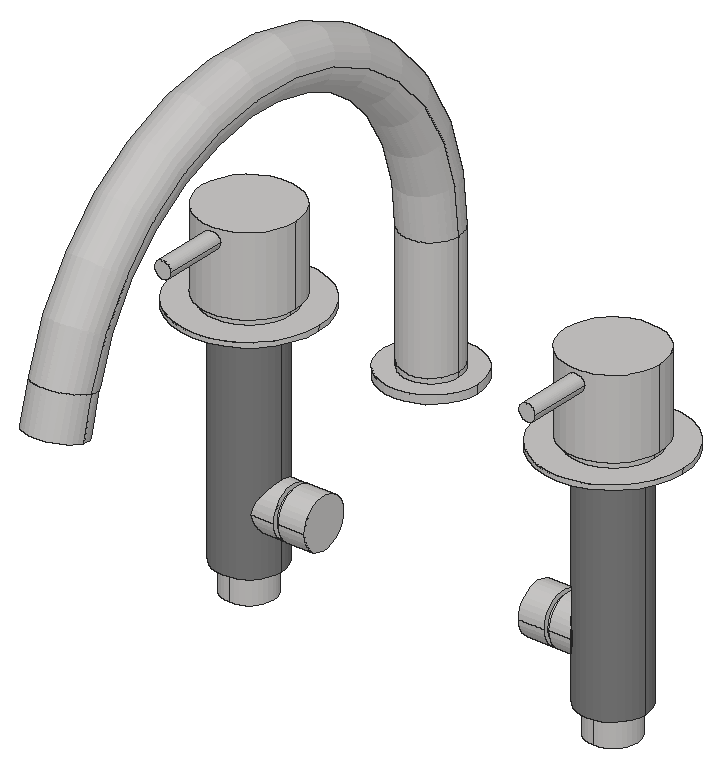
Revit family "SC8", category Generic Models, Revit 2021
Family settings
  Can host rebar = No
  Round Connector Dimension = Use Diameter
  Part Type = Normal
  Work Plane-Based = No
  Always vertical = Yes
  Cut with Voids When Loaded = No
  Shared = No
  Room Calculation Point = No
Parameters (values of type "Standard")
  e-mail = "info@vola.com"
  URL = "http://vola.com"
  Telephone = "+45 7023 5500"
  Quality management standard = "ISO 9001"
  Organisation no. / DUNS no. = "17531328"
  Occupational health and safety management standard = "ISO 18001"
  Mounting Instructions = "http://vola.com/service/producturl.ashx?name=SC8"
  Model = "SC8"
  Materials and components information = "http://vola.com/service/producturl.ashx?name=SC8"
  Manufacturer = "VOLA A/S"
  Maintenance Instructions = "http://vola.com/service/producturl.ashx?name=SC8"
  Guarantee = "2 years"
  Flow = "75,00 l/min"
  Environmental management standard = "ISO 14000"
  Default Elevation = 0.00 mm
  Connection - All relevant connections = "½\" for water connection"
  Approvals = "http://vola.com/service/producturl.ashx?name=SC8"
Reference planes
  plane 1 "Center (Front/Back)": y = 0
  plane 2: z = 0
  plane 3 "Center (Left/Right)": x = 0
Dimensions and locks
  aligned and locked: plane 2 to level
Nested families
  nested 1: "090E" at (0, 0, 0), type "090E"
  nested 2: "S50" at (78, 0, 0), type "S50"
  nested 3: "S50" at (-78, 0, 0) x (-1, 0, 0) z (0, 0, 1), type "S50"
  nested 4: "001" at (78, 0, 0), type "001"
  nested 5: "001" at (-78, 0, 0), type "001"
Connectors
  piping at (78, 0, -110), diameter 20.9
    settings: on nested 2, index 1, connector inside diameter 0.82283", connector length 0.00 mm, flow factor 0, pipe flow 0 GPM, pressure drop 0.00 psi, fitting loss kfactor 0, connector angle 0.00°, fixture units 0, engagement length 0.00 mm, angle of deflection 0.00°, flow configuration 0, flow direction 1, fitting loss method 0, system type 20, joint type 0, gender type 0, connector reference index -1, connector utility 0, adjustable connector no, is connector primary yes, connector description ""
  piping at (-78, 0, -110), diameter 20.9
    settings: on nested 3, index 2, connector inside diameter 0.82283", connector length 0.00 mm, flow factor 0, pipe flow 0 GPM, pressure drop 0.00 psi, fitting loss kfactor 0, connector angle 0.00°, fixture units 0, engagement length 0.00 mm, angle of deflection 0.00°, flow configuration 0, flow direction 1, fitting loss method 0, system type 19, joint type 0, gender type 0, connector reference index -1, connector utility 0, adjustable connector no, is connector primary no, connector description ""
Definition of nested family "090E"
  Parameters
    e-mail = "info@vola.com"
    URL = "http://vola.com"
    Telephone = "+45 7023 5500"
    Quality management standard = "ISO 9001"
    Organisation no. / DUNS no. = "17531328"
    Occupational health and safety management standard = "ISO 18001"
    Mounting Instructions = "http://vola.com/service/producturl.ashx?name=090E"
    Model = "090E"
    Materials and components information = "http://vola.com/service/producturl.ashx?name=090E"
    Manufacturer = "VOLA A/S"
    Maintenance Instructions = "http://vola.com/service/producturl.ashx?name=090E"
    Guarantee = "2 years"
    Environmental management standard = "ISO 14000"
    Default Elevation = 0.00 mm
    Connection - All relevant connections = ""
    Approvals = "http://vola.com/service/producturl.ashx?name=090E"
  Reference planes
    plane 1 "Center (Front/Back)": y = 0
    plane 2: z = 0
    plane 3 "Center (Left/Right)": x = 0
  Forms (mm)
    Sweep 1, solid
      path origin (0, 0, -1) x (0, 1, 0) y (0, 0, 1)
        loop
          line (0, 6.5) -> (0, 58.5)
          arc (0, 58.5) -> (-86.947, 157.644) -> (-196.593, 84.382) r 100
      profile origin (0, -86.947, 156.644) x (0, -0.130526, -0.991445) y (1, 0, 0)
        loop
          circle (0, 0) r 12
    Extrusion 2, solid
      sketch origin (0, 0, 0) x (1, 0, 0) y (0, 1, 0)
        loop
          circle (0, 0) r 20
      from 0 to 3.5
    Extrusion 3, solid
      sketch origin (0, 0, 3.5) x (1, 0, 0) y (0, 1, 0)
        loop
          circle (0, 0) r 12
      from 0 to 2
    Extrusion 4, solid
      sketch origin (0, -196.593, 83.382) x (1, 0, 0) y (0, -0.965926, 0.258819)
        loop
          circle (0, 0) r 12
      from 0 to 17.7
  Cuts and joins
    joined: Sweep 1, Extrusion 2
  Dimensions and locks
    aligned and locked: plane 2 to level
Definition of nested family "S50"
  Parameters
    e-mail = "info@vola.com"
    URL = "http://vola.com"
    Telephone = "+45 7023 5500"
    Quality management standard = "ISO 9001"
    Organisation no. / DUNS no. = "17531328"
    Occupational health and safety management standard = "ISO 18001"
    Mounting Instructions = "http://vola.com/service/producturl.ashx?name=S50"
    Model = "S50"
    Materials and components information = "http://vola.com/service/producturl.ashx?name=S50"
    Manufacturer = "VOLA A/S"
    Maintenance Instructions = "http://vola.com/service/producturl.ashx?name=S50"
    Guarantee = "2 years"
    Flow = "32,00 l/min"
    Environmental management standard = "ISO 14000"
    Default Elevation = 0.00 mm
    Connection - All relevant connections = "½\" for water connection"
    Approvals = "http://vola.com/service/producturl.ashx?name=S50"
  Reference planes
    plane 1 "Center (Front/Back)": y = 0
    plane 2: z = 0
    plane 3 "Center (Left/Right)": x = 0
  Forms (mm)
    Extrusion 1, solid
      sketch origin (0, 0, 2) x (1, 0, 0) y (0, 1, 0)
        loop
          circle (0, 0) r 18
      from 0 to 3
    Extrusion 2, solid
      sketch origin (0, 0, 5) x (1, 0, 0) y (0, 1, 0)
        loop
          circle (0, 0) r 20
      from 0 to 33.5
    Extrusion 3, solid
      sketch origin (0, 0, -1.25) x (1, 0, 0) y (0, 0, 1)
        loop
          circle (0, 34.5) r 3.5
      from 0 to 46
    Extrusion 4, solid
      sketch origin (0, 0, 0) x (1, 0, 0) y (0, 1, 0)
        loop
          circle (0, 0) r 14
      from 2 to -98
    Extrusion 5, solid
      sketch origin (0, 0, -98) x (0, 1, 0) y (1, 0, 0)
        loop
          circle (0, 0) r 9
      from 0 to 2
    Extrusion 6, solid
      sketch origin (0, 0, -100) x (-1, 0, 0) y (0, 1, 0)
        loop
          circle (0, 0) r 10.45
      from 10 to 0
    Extrusion 7, solid
      sketch origin (0, 0, 25) x (0, 1, 0) y (0, 0, 1)
        loop
          circle (0, -98) r 10.5
      from -19 to 0
    Extrusion 8, solid
      sketch origin (-19, 0, 25) x (0, -1, 0) y (0, 0, 1)
        loop
          circle (0, -98) r 9
      from 2 to 0
    Extrusion 9, solid
      sketch origin (-21, 0, 25) x (0, -1, 0) y (0, 0, 1)
        loop
          circle (0, -98) r 10.45
      from 11 to 0
    Extrusion 10, void
      sketch origin (0, 0, -98) x (1, 0, 0) y (0, 1, 0)
        loop
          circle (0, 0) r 14
      from 41.193 to 9.651
  Cuts and joins
    joined: Extrusion 2, Extrusion 3
    Extrusion 10 cuts Extrusion 5
    Extrusion 10 cuts Extrusion 7
  Lines and regions (mm)
    reference lines
      curve 1: line (0, 0, -110) -> (0, 0, -140)
      curve 2: line (-32, 0, -73) -> (-62, 0, -73)
    model lines
      curve 3: line (6.05, 19.063, 38.5) -> (6.05, -19.063, 38.5)
      curve 4: line (-6.05, -19.063, 38.5) -> (-6.05, 19.063, 38.5)
  Dimensions and locks
    aligned and locked: plane 2 to level
Definition of nested family "001"
  Parameters
    e-mail = "info@vola.com"
    URL = "http://vola.com"
    Telephone = "+45 7023 5500"
    Quality management standard = "ISO 9001"
    Organisation no. / DUNS no. = "17531328"
    Occupational health and safety management standard = "ISO 18001"
    Mounting Instructions = "http://vola.com/service/producturl.ashx?name=001"
    Model = "001"
    Materials and components information = "http://vola.com/service/producturl.ashx?name=001"
    Manufacturer = "VOLA A/S"
    Maintenance Instructions = "http://vola.com/service/producturl.ashx?name=001"
    Guarantee = "2 years"
    Environmental management standard = "ISO 14000"
    Default Elevation = 1219.20 mm
    Connection - All relevant connections = ""
    Approvals = "http://vola.com/service/producturl.ashx?name=001"
  Reference planes
    plane 1 "Center (Front/Back)": y = 0
    plane 2: z = 0
    plane 3 "Center (Left/Right)": x = 0
  Forms (mm)
    Extrusion 1, solid
      sketch origin (0, 0, 0) x (1, 0, 0) y (0, 1, 0)
        loop
          circle (0, 0) r 16.5
        loop
          circle (0, 0) r 30
      from 0 to 2
  Dimensions and locks
    aligned and locked: plane 2 to level
